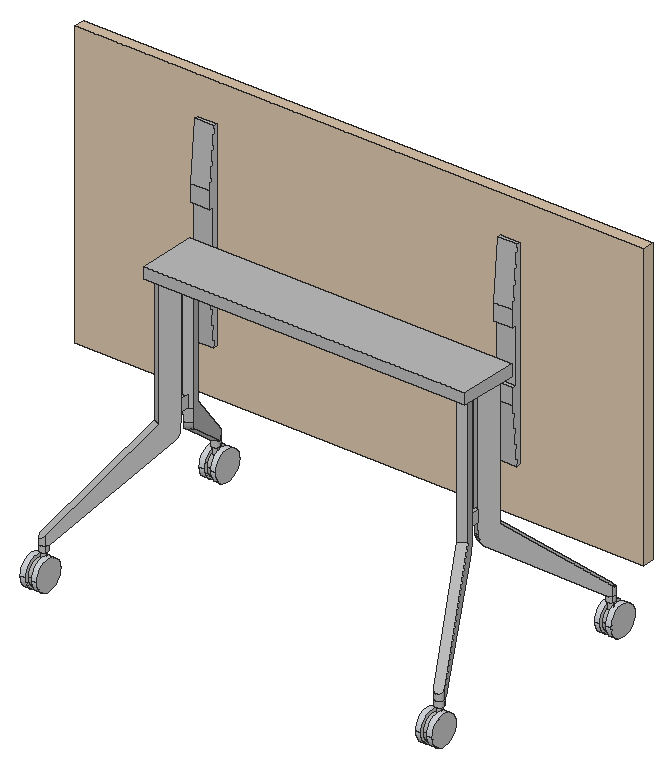
Revit family "Haworth_Planes_CollaborativeTable_Rectangular_Nested", category Furniture Systems, Revit 2018
Family settings
  Round Connector Dimension = Use Diameter
  Part Type = Normal
  OmniClass Number = 23.40.70.14.64.21
  OmniClass Title = Systems Furniture
  Work Plane-Based = No
  Always vertical = No
  Cut with Voids When Loaded = No
  Shared = No
  Room Calculation Point = No
Parameters (values of type "60w 30d")
  Width = 60"
  Warranty = "http://www.haworth.com/resources/product-info/warranties"
  URL - Product = "http://www.haworth.com/products/tables/collaborative/planes"
  Table Finish [instance] = Haworth _ Laminate _ Maple H-AE
  Table Edge Finish [instance] = Haworth _ Laminate _ Maple H-AE
  Sustainability Info = "http://www.haworth.com/company-info/sustainablility"
  Support Bar Thickness = 1 3/16"  # constant formula
  Support Bar Depth = 3 1/16"  # constant formula
  Support Arm Depth = 2"  # constant formula
  Flip Top Finish = Haworth _ Paint _ Metallic Champagne
  Depth = 30"
  Custom 36 = not(and(and(Depth = 36"), or(Width = 60", Width = 66", Width = 72", Width = 78", Width = 84", Width = 90", Width = 96")))  # yes
  Model = "Haworth - Planes Collaborative Table - Rectangular - Nested"  # constant formula
  Leg Finish [instance] = Haworth _ Paint _ Metallic Champagne
  Glides = no
  Flip Top = yes
  Description = "Haworth - Planes Collaborative Table - Rectangular - Nested"  # constant formula
  URL = "www.haworth.com"
  Table Thickness = 1 3/16"  # constant formula
  Support Spacing - From Edge = 15"  # constant formula
  Size = "Verify Final Dim. w/ Haworth"  # constant formula
  Revision Number = "2"  # constant formula
  Min/Max Width = "60-72 in. @ 6 in. increments"  # constant formula
  Min/Max Depth = "30 or 36 in."  # constant formula
  Min. Width = 60"  # constant formula
  Max. Width = 72"  # constant formula
  Min. Depth = 25"  # constant formula
  Max. Depth = 36"  # constant formula
  Manufacturer = "Haworth"  # constant formula
  Leg Height = Actual Height - Table Thickness  # 26 13/16"
  Custom Size = and(Custom 30, Custom 36)  # no
  Custom 30 = not(and(and(Depth = 30"), or(Width = 60", Width = 66", Width = 72")))  # no
  Casters = not(Glides)  # yes
  Caster Finish = Haworth _ Paint _ Metallic Champagne
  Author = "Haworth (Hampton), SHAPE Environments, LLC"  # constant formula
  Assembly Code = "E2020200"
  Actual Width = if(Width < Min. Width, Min. Width, if(Width > Max. Width, Max. Width, Width))  # 60"
  Actual Height = 28"  # constant formula
  Actual Depth = if(Depth > Max. Depth, Max. Depth, if(Depth < Min. Depth, Min. Depth, Depth))  # 30"
Reference planes (in)
  plane 1 "Center F/B": y = 0
  plane 2: z = 0
  plane 3 "Center L/R": x = 0
  plane 4 "Table Edge Left": x = -30
  plane 5 "Table Edge Right": x = 30
  plane 6 "Table Edge Front": y = 15
  plane 7 "Table Edge Back": y = -15
  plane 8 "Table Leg Left": x = -15
  plane 9 "Table Leg Right": x = 15
  plane 10 "Top": z = 28
  plane 11 "Table Nested Bottom": y = 4.20253
  plane 12 "Support Bar Bottom": z = 26.8125
  plane 13 "Support Bar Left": y = -3.0625
  plane 14 "Support Bar Right": y = 3.0625
  plane 15 "Table Left Left Outside": x = -17
  plane 16 "Table Leg Right Outside": x = 17
  plane 17 "Insertion Offset": y = 9.99929
  plane 18 "Insertion Left": x = -8.01892
  plane 19 "Insertion Right": x = 8.01892
Forms (in)
  Extrusion 1, solid, material "Haworth _ Paint _ Metallic Champagne" <- "Leg Finish"
    sketch origin (0, 0, 0) x (0, 1, 0) y (0, 0, 1)
      loop
        line (-3.0625, 28) -> (-3.0625, 26.8125) -> (3.0625, 26.8125) -> (3.0625, 28) -> (-3.0625, 28)
    from -17 to 17
  Extrusion 2, solid, material "Haworth _ Paint _ Metallic Champagne" <- "Leg Finish"
    sketch origin (0, 0, -2.25) x (0, 1, 0) y (0, 0, 1)
      loop
        line (4.13365, 41.28188) -> (3.69615, 41.32016) -> (3.17321, 35.34299) -> (3.17321, 33.59299) -> (3.62051, 33.59299) -> (3.62051, 28) -> (3.17321, 28) -> (3.17321, 26.25) -> (3.69615, 20.27283) -> (4.13365, 20.31111) -> (4.13365, 41.28188)
    from -17 to -15
  Extrusion 3, solid, material "Haworth _ Paint _ Metallic Champagne" <- "Leg Finish"
    sketch origin (0, 0, -2.25) x (0, 1, 0) y (0, 0, -1)
      loop
        line (4.13365, -41.28188) -> (4.13365, -20.31111) -> (3.69615, -20.27283) -> (3.17321, -26.25) -> (3.17321, -28) -> (3.62051, -28) -> (3.62051, -33.59299) -> (3.17321, -33.59299) -> (3.17321, -35.34299) -> (3.69615, -41.32016) -> (4.13365, -41.28188)
    from -17 to -15
Lines and regions (in)
  Masking region 1
    outline origin (0, 0, 28) x (-1, 0, 0) y (0, -1, 0)
      loop
        line (17, -3.0625) -> (17, 3.0625) -> (-17, 3.0625) -> (-17, -3.0625) -> (17, -3.0625)
Dimensions and locks (in)
  "Support Spacing - From Edge": plane 4 "Table Edge Left" to plane 8 "Table Leg Left"
  "Support Spacing - From Edge": plane 9 "Table Leg Right" to plane 5 "Table Edge Right"
  "Actual Width": plane 4 "Table Edge Left" to plane 5 "Table Edge Right"
  equal spacing: plane 4 "Table Edge Left", plane 3 "Center L/R", plane 5 "Table Edge Right"
  "Actual Depth": plane 6 "Table Edge Front" to plane 7 "Table Edge Back"
  equal spacing: plane 6 "Table Edge Front", plane 1 "Center F/B", plane 7 "Table Edge Back"
  "Actual Height": plane 10 "Top" to level
  "Support Bar Depth": plane 13 "Support Bar Left" to plane 1 "Center F/B"
  "Support Bar Depth": plane 1 "Center F/B" to plane 14 "Support Bar Right"
  "Table Thickness": plane 10 "Top" to plane 12 "Support Bar Bottom"
  "Support Arm Depth": plane 8 "Table Leg Left" to plane 15 "Table Left Left Outside"
  "Support Arm Depth": plane 16 "Table Leg Right Outside" to plane 9 "Table Leg Right"
  aligned: plane 9 "Table Leg Right" to nested 2
  aligned: plane 8 "Table Leg Left" to nested 1
  aligned and locked: plane 8 "Table Leg Left" to nested 1
  aligned and locked: plane 9 "Table Leg Right" to nested 2
  aligned and locked: plane 10 "Top" to nested 3
  aligned and locked: Extrusion 1 sketch curve to plane 13 "Support Bar Left"
  aligned and locked: Extrusion 1 sketch curve to plane 10 "Top"
  aligned and locked: plane 12 "Support Bar Bottom" to Extrusion 1 sketch curve
  aligned and locked: Extrusion 1 to plane 15 "Table Left Left Outside"
  aligned and locked: Extrusion 1 to plane 16 "Table Leg Right Outside"
  aligned and locked: Extrusion 2 to Extrusion 1
  aligned and locked: nested 1 to Extrusion 2
  aligned and locked: Extrusion 3 to nested 2
  aligned and locked: Extrusion 3 to plane 16 "Table Leg Right Outside"
  aligned and locked: plane 14 "Support Bar Right" to Masking region 1 sketch curve
  aligned and locked: plane 15 "Table Left Left Outside" to Masking region 1 sketch curve
  aligned and locked: plane 13 "Support Bar Left" to Masking region 1 sketch curve
  aligned and locked: plane 16 "Table Leg Right Outside" to Masking region 1 sketch curve
  aligned and locked: nested 2 to plane 1 "Center F/B"
  aligned and locked: plane 1 "Center F/B" to nested 1
Automatic sketch dimensions
  Extrusion 1 sketch curve to plane 14 "Support Bar Right" = 0"
  Extrusion 2 sketch curve to plane 10 "Top" = 2 1/4"
  Extrusion 2 sketch curve to plane 11 "Table Nested Bottom" = 1.02931"  (x2)
  Extrusion 2 sketch curve to Extrusion 2 sketch curve = 0.4473"
  Extrusion 2 sketch curve to plane 11 "Table Nested Bottom" = 0.50638"  (x2)
  Extrusion 2 sketch curve to plane 11 "Table Nested Bottom" = 0.06888"
  Extrusion 2 sketch curve to plane 12 "Support Bar Bottom" = 2 13/16"
  Extrusion 2 sketch curve to Extrusion 2 sketch curve = 5.93889"  (x2)
  Extrusion 2 sketch curve to Extrusion 2 sketch curve = 5.59299"
  Extrusion 2 sketch curve to Extrusion 2 sketch curve = 1 3/4"
  Extrusion 3 sketch curve to plane 10 "Top" = 2 1/4"
  Extrusion 3 sketch curve to plane 11 "Table Nested Bottom" = 1.02931"  (x2)
  Extrusion 3 sketch curve to Extrusion 3 sketch curve = 0.4473"
  Extrusion 3 sketch curve to plane 11 "Table Nested Bottom" = 0.50638"  (x2)
  Extrusion 3 sketch curve to plane 11 "Table Nested Bottom" = 0.06888"
  Extrusion 3 sketch curve to Extrusion 3 sketch curve = 5.59299"
  Extrusion 3 sketch curve to Extrusion 3 sketch curve = 1 3/4"
  Extrusion 3 sketch curve to Extrusion 3 sketch curve = 5.93889"  (x2)
  Extrusion 3 sketch curve to plane 12 "Support Bar Bottom" = 2 13/16"
Nested families (in)
  nested 1: "Haworth_Leg-Y" at (-15, 0, 0), type "Leg"
  nested 2: "Haworth_Leg-Y" at (15, 0, 0) x (-1, 0, 0) z (0, 0, 1), type "Leg"
  nested 3: "Haworth_Worksurface-Rectangular_Nested" at (0, -24.60997, 0), type "Worksurface"
    with Actual Height 28"
Definition of nested family "Haworth_Leg-Y"
  Parameters (values of type "Leg")
    Leg Height = 26 13/16"
    Leg Finish = none
    Glides = no
    Casters = yes
    Caster Finish = none
    Assembly Code = ""
  Reference planes (in)
    plane 1 "Center (Front/Back)": y = 0
    plane 2: z = 0
    plane 3 "Center (Left/Right)": x = 0
    plane 4 "Top of Leg": z = 26.8125
    plane 5 "Y Leg Stand": x = -5.875
    plane 6 "Left Y Leg": through (-0.17621, 0.60996, 48) normal (-0.8829, -0.4695, 0)
    plane 7 "Left Post": x = -0.5625
    plane 8 "Left Support": y = 11.32793
    plane 9: through (-0.17621, -0.60996, 48) normal (0.8829, -0.4695, 0)
    plane 10: y = -11.32793
  Forms (in)
    Extrusion 1, solid, material <- "Leg Finish"
      sketch origin (-0.51599, 0, 0) x (1, 0, 0) y (0, 0, 1)
        loop
          line (0.28125, 13.625) -> (0.28125, 14.875) -> (-0.04651, 14.875) -> (-0.04651, 13.625) -> (0.28125, 13.625)
      from -1 to 1
    Extrusion 2, solid, material <- "Leg Finish"
      sketch origin (-0.17621, 0.60996, 48) x (0.469468, -0.88295, 0) y (0, 0, -1)
        loop
          line (-2, 34.75027) -> (-2, 21.1875) -> (0, 21.1875) -> (0, 34.38219) -> (-0.09992, 35.81107)
          arc (-0.09992, 35.81107) -> (-0.23667, 36.25861) -> (-0.55568, 36.601) r 1.04081
          line (-0.55568, 36.601) -> (-11.7751, 43.96035) -> (-12.64299, 43.96035) -> (-12.64299, 43.40736) -> (-2, 34.75027)
      from -0.4375 to 0.4375
    Extrusion 3, void
      sketch origin (0.73566, 0.86334, 0) x (0.88295, 0.469468, 0) y (-0.469468, 0.88295, 0)
        loop
          arc (-1.36158, 12.3432) -> (-0.92408, 12.7807) -> (-0.48658, 12.3432) r 0.4375
          line (-0.48658, 12.3432) -> (-0.31134, 12.3432) -> (-0.31134, 12.89092) -> (-1.53683, 12.89092) -> (-1.53683, 12.3432) -> (-1.36158, 12.3432)
      from 3.22588 to 5.51592
    Revolve 4, solid, material <- "Leg Finish", visible <- "Glides"
      sketch origin (-5.88448, -0.04176, 0) x (-0.000803, -1, 0) y (0, 0, 1)
        loop
          line (-11.36969, 3.4375) -> (-11.36969, 0) -> (-10.36969, 0) -> (-10.36969, 0.1875) -> (-10.93219, 0.1875) -> (-10.93219, 3.4375) -> (-11.36969, 3.4375)
        axis (-11.36969, 3.4375) -> (-11.36969, 0)
      angle from 0 to 360
    Extrusion 5, solid, material <- "Leg Finish"
      sketch origin (0.73566, 0.86334, 0) x (0.88295, 0.469468, 0) y (-0.469468, 0.88295, 0)
        loop
          circle (-0.92408, 12.3432) r 0.4375
      from 3.4375 to 4.03965
    Extrusion 6, solid, material <- "Leg Finish"
      sketch origin (-0.17621, -0.60996, 48) x (0.469468, 0.88295, 0) y (0, 0, 1)
        loop
          line (-2, -34.75027) -> (-12.64299, -43.40736) -> (-12.64299, -43.96035) -> (-11.7751, -43.96035) -> (-0.55568, -36.601)
          arc (-0.55568, -36.601) -> (-0.23667, -36.25861) -> (-0.09992, -35.81107) r 1.04081
          line (-0.09992, -35.81107) -> (0, -34.38219) -> (0, -21.1875) -> (-2, -21.1875) -> (-2, -34.75027)
      from -0.4375 to 0.4375
    Extrusion 7, void
      sketch origin (0.73566, -0.86334, 0) x (0.88295, -0.469468, 0) y (0.469468, 0.88295, 0)
        loop
          line (-1.36158, -12.3432) -> (-1.53683, -12.3432) -> (-1.53683, -12.89092) -> (-0.31134, -12.89092) -> (-0.31134, -12.3432) -> (-0.48658, -12.3432)
          arc (-0.48658, -12.3432) -> (-0.92408, -12.7807) -> (-1.36158, -12.3432) r 0.4375
      from 3.22588 to 5.51592
    Revolve 8, solid, material <- "Leg Finish", visible <- "Glides"
      sketch origin (-5.88378, 0.04176, 0) x (-0.000803, 1, 0) y (0, 0, -1)
        loop
          line (-11.36969, -3.4375) -> (-10.93219, -3.4375) -> (-10.93219, -0.1875) -> (-10.36969, -0.1875) -> (-10.36969, 0) -> (-11.36969, 0) -> (-11.36969, -3.4375)
        axis (-11.36969, -3.4375) -> (-11.36969, 0)
      angle from 0 to 360
    Extrusion 9, solid, material <- "Leg Finish"
      sketch origin (0.73566, -0.86334, 0) x (0.88295, -0.469468, 0) y (0.469468, 0.88295, 0)
        loop
          circle (-0.92408, -12.3432) r 0.4375
      from 3.4375 to 4.03965
  Cuts and joins
    Extrusion 3, Extrusion 7 cuts Extrusion 1
    Extrusion 3, Extrusion 7 cuts Extrusion 2
    Extrusion 7 cuts Extrusion 5
    Extrusion 7 cuts Extrusion 6
    Extrusion 7 cuts Extrusion 9
    joined: Extrusion 1, Extrusion 2, Extrusion 5, Extrusion 6, Extrusion 9
    Extrusion 7 cuts Revolve 4
    Extrusion 7 cuts Revolve 8
  Lines and regions (in)
    Masking region 1
      outline origin (0, 0, 0) x (1, 0, 0) y (0, 1, 0)
        loop
          line (-5.48871, -11.53332) -> (0.21008, -0.81535) -> (0, -0.70365) -> (0, 0.70365) -> (0.21008, 0.81535) -> (-5.48871, 11.53332)
          arc (-5.48871, 11.53332) -> (-6.08039, 11.71422) -> (-6.26129, 11.12254) r 0.4375
          line (-6.26129, 11.12254) -> (-0.5625, 0.40456) -> (-0.5625, -0.40456) -> (-6.26129, -11.12254)
          arc (-6.26129, -11.12254) -> (-6.08039, -11.71422) -> (-5.48871, -11.53332) r 0.4375
    symbolic lines, visible <- "Glides"
      curve 1: circle (-5.87465, -11.32793, 0) r 1 normal (0, 0, -1)
    symbolic lines
      curve 2: circle (-5.875, 11.32793, 0) r 0.99982 normal (0, 0, 1)
  Dimensions and locks (in)
    "Leg Height": plane 4 "Top of Leg" to level
    plane 5 "Y Leg Stand" to plane 3 "Center (Left/Right)" = 5 7/8"
    locked: plane 7 "Left Post" to plane 3 "Center (Left/Right)" at 0.5625
  Automatic sketch dimensions
    plane 7 "Left Post" to Extrusion 1 sketch curve = 0"
    Extrusion 1 sketch curve to plane 3 "Center (Left/Right)" = 0.23474"
    level to Extrusion 1 sketch curve = 13 5/8"
    Extrusion 1 sketch curve to Extrusion 1 sketch curve = 1 1/4"
    plane 4 "Top of Leg" to Extrusion 2 sketch curve = 0"
    Extrusion 2 sketch curve to level = 4.59264"
    Extrusion 2 sketch curve to level = 4.03965"
    Extrusion 2 sketch curve to Extrusion 2 sketch curve = 0.86789"
    Extrusion 2 sketch curve to Extrusion 2 sketch curve = 10.64299"
    Extrusion 2 sketch curve to Extrusion 2 sketch curve = 0.86181"
    Extrusion 2 sketch curve to level = 11.399"
    Extrusion 2 sketch curve to Extrusion 2 sketch curve = 0.58251"
    Extrusion 2 sketch curve to level = 12.18893"
    Extrusion 2 sketch curve to Extrusion 2 sketch curve = 0.45577"
    Extrusion 2 sketch curve to Extrusion 2 sketch curve = 2"
    Extrusion 2 sketch curve to Extrusion 2 sketch curve = 0.98819"
    Extrusion 2 sketch curve to Extrusion 2 sketch curve = 1.42888"
    Extrusion 3 sketch curve to plane 5 "Y Leg Stand" = 0"
    Extrusion 3 sketch curve to plane 6 "Left Y Leg" = 0"
    Extrusion 3 sketch curve to plane 6 "Left Y Leg" = 7/16"
    Extrusion 3 sketch curve to Extrusion 3 sketch curve = 0.17524"  (x2)
    Extrusion 3 sketch curve to Extrusion 3 sketch curve = 0.54772"
    Revolve 4 sketch curve to level = 0"
    level to Revolve 4 sketch curve = 3.42885"
    Revolve 4 sketch curve to Revolve 4 sketch curve = 0"
    level to Revolve 4 sketch curve = 3/16"
    Revolve 4 sketch curve to Revolve 4 sketch curve = 7/16"
    Revolve 4 sketch curve to Revolve 4 sketch curve = 9/16"
    Revolve 4 sketch curve to level = 1.07115"
    Revolve 4 sketch curve to Revolve 4 sketch curve = 0.00865"
    Extrusion 5 sketch curve to plane 5 "Y Leg Stand" = 0"
    Extrusion 5 sketch curve to plane 6 "Left Y Leg" = 0"
    Extrusion 6 sketch curve to plane 4 "Top of Leg" = 0"
    level to Extrusion 6 sketch curve = 4.59264"
    level to Extrusion 6 sketch curve = 4.03965"
    Extrusion 6 sketch curve to Extrusion 6 sketch curve = 0.86789"
    Extrusion 6 sketch curve to Extrusion 6 sketch curve = 10.64299"
    Extrusion 6 sketch curve to Extrusion 6 sketch curve = 0.86181"
    level to Extrusion 6 sketch curve = 11.399"
    Extrusion 6 sketch curve to Extrusion 6 sketch curve = 0.58251"
    level to Extrusion 6 sketch curve = 12.18893"
    Extrusion 6 sketch curve to Extrusion 6 sketch curve = 0.45577"
    Extrusion 6 sketch curve to Extrusion 6 sketch curve = 2"
    Extrusion 6 sketch curve to Extrusion 6 sketch curve = 0.98819"
    Extrusion 6 sketch curve to Extrusion 6 sketch curve = 1.42888"
    Extrusion 7 sketch curve to plane 5 "Y Leg Stand" = 0"
    plane 9 to Extrusion 7 sketch curve = 0"
    plane 9 to Extrusion 7 sketch curve = 7/16"
    Extrusion 7 sketch curve to Extrusion 7 sketch curve = 0.17524"  (x2)
    Extrusion 7 sketch curve to Extrusion 7 sketch curve = 0.54772"
    Revolve 8 sketch curve to level = 0"
    level to Revolve 8 sketch curve = 3.42885"
    Revolve 8 sketch curve to Revolve 8 sketch curve = 0"
    level to Revolve 8 sketch curve = 3/16"
    Revolve 8 sketch curve to Revolve 8 sketch curve = 7/16"
    Revolve 8 sketch curve to Revolve 8 sketch curve = 9/16"
    Revolve 8 sketch curve to Revolve 8 sketch curve = 0.00865"
    Revolve 8 sketch curve to level = 1.07115"
    Extrusion 9 sketch curve to plane 5 "Y Leg Stand" = 0"
    plane 9 to Extrusion 9 sketch curve = 0"
    Masking region 1 sketch curve to plane 5 "Y Leg Stand" = 0"  (x2)
    Masking region 1 sketch curve to plane 3 "Center (Left/Right)" = 0"
    plane 9 to Masking region 1 sketch curve = 0"
    Masking region 1 sketch curve to plane 6 "Left Y Leg" = 0"
    Masking region 1 sketch curve to plane 10 = 0.20539"
    Masking region 1 sketch curve to plane 8 "Left Support" = 0.20539"
    plane 8 "Left Support" to Masking region 1 sketch curve = 0.20539"
    plane 10 to Masking region 1 sketch curve = 0.20539"
    plane 3 "Center (Left/Right)" to Masking region 1 sketch curve = 0.21008"  (x2)
    Masking region 1 sketch curve to Masking region 1 sketch curve = 0.1117"  (x2)
    Masking region 1 sketch curve to plane 7 "Left Post" = 0"
    plane 5 "Y Leg Stand" to Masking region 1 sketch curve = 0.38629"  (x2)
    Masking region 1 sketch curve to Masking region 1 sketch curve = 0.29908"
    plane 1 "Center (Front/Back)" to Masking region 1 sketch curve = 0.40456"
    curve 2 to plane 5 "Y Leg Stand" = 0"
    curve 2 to plane 6 "Left Y Leg" = 0"
    curve 1 to plane 10 = 0"
    curve 1 to plane 5 "Y Leg Stand" = 0.00035"
    radius of Extrusion 5 sketch curve = 7/16"
    radius of Extrusion 9 sketch curve = 7/16"
    radius of curve 1 = 1"
    radius of curve 2 = 0.99982"
  Nested families (in)
    nested 1: "Haworth_3in Caster" at (-5.875, 11.32793, 0), visible <- "Casters", type "Haworth_3in Caster"
    nested 2: "Haworth_3in Caster" at (-5.875, -11.32793, 0), visible <- "Casters", type "Haworth_3in Caster"
  Definition of nested family "Haworth_3in Caster"
    Parameters (values of type "Haworth_3in Caster")
      Glides = yes
      Caster Finish = none
      Cart Leg Finish = none
      Assembly Code = ""
    Reference planes (in)
      plane 1 "Center (Front/Back)": y = 0
      plane 2: z = 0
      plane 3 "Center (Left/Right)": x = 0
    Forms (in)
      Extrusion 1, solid
        sketch origin (0, 0, -0.02118) x (0, 1, 0) y (0, 0, 1)
          loop
            circle (-0.48695, 1.58368) r 1.5625
        from 0.875 to 0.3125
      Extrusion 2, solid
        sketch origin (0, 0, -0.02118) x (0, 1, 0) y (0, 0, 1)
          loop
            circle (-0.48695, 1.58368) r 1.5625
        from -0.875 to -0.3125
      Extrusion 3, solid
        sketch origin (0, 0, 0) x (0, 1, 0) y (0, 0, 1)
          loop
            circle (-0.48695, 1.5625) r 1.3125
        from -0.3125 to 0.3125
      Extrusion 4, solid
        sketch origin (0, 0, 0) x (1, 0, 0) y (0, 1, 0)
          loop
            circle (0, 0) r 0.25
        from 2.4375 to 3.4375
    Cuts and joins
      joined: Extrusion 3, Extrusion 4
    Lines and regions (in)
      Masking region 1
        outline origin (0, 0, 0) x (1, 0, 0) y (0, 1, 0)
          loop
            line (0.875, 1.07555) -> (0.3125, 1.07555) -> (0.3125, 0.82555) -> (-0.3125, 0.82555) -> (-0.3125, 1.07555) -> (-0.875, 1.07555) -> (-0.875, -2.04945) -> (-0.3125, -2.04945) -> (-0.3125, -1.79945) -> (0.3125, -1.79945) -> (0.3125, -2.04945) -> (0.875, -2.04945) -> (0.875, 1.07555)
    Dimensions and locks (in)
      plane 3 "Center (Left/Right)" to Extrusion 2 = 5/16"
      Extrusion 1 to plane 3 "Center (Left/Right)" = 7/8"
Definition of nested family "Haworth_Worksurface-Rectangular_Nested"
  Parameters
    Warranty = ""
    URL - Product = ""
    URL = "www.haworth.com"
    Table Thickness = 1 3/16"
    Table Finish = none
    Table Edge Finish = none
    Sustainability Info = ""
    Squared Corners = yes
    Size = "Verify Final Dim. w/ Haworth"  # constant formula
    Revision Number = ""
    OmniClass Number = ""
    Min/Max Width = ""
    Min/Max Height = ""
    Material Options = ""
    Manufacturer = "Haworth"  # constant formula
    LEED Data = ""
    Author = "Haworth (Hampton)"  # constant formula
    Assembly Code = ""
    Actual Width = 60"
    Actual Height = 29"
    Actual Depth = 30"
  Reference planes (in)
    plane 1 "Center F/B": y = 29.40625
    plane 2: z = 0
    plane 3 "Center L/R": x = 0
    plane 4 "Table Front": y = 30
    plane 5 "Table Right": x = 30
    plane 6 "Table Left": x = -30
    plane 7 "Table Back": y = 28.8125
    plane 8 "Table Top": z = 29
    plane 9 "Table Nested Bottom": z = 14
    plane 10 "Table Nested Top": z = 44
  Forms (in)
    Extrusion 1, solid, material <- "Table Finish", visible <- "Squared Corners"
      sketch origin (0, 0, 0) x (1, 0, 0) y (0, 1, 0)
        loop
          line (-30, 30) -> (-30, 28.8125) -> (30, 28.8125) -> (30, 30) -> (-30, 30)
      from 14 to 44
  Lines and regions (in)
    Masking region 1, visible <- "Squared Corners"
      outline origin (0, 0, 0) x (1, 0, 0) y (0, 1, 0)
        loop
          line (-30, 30) -> (-30, 28.8125) -> (30, 28.8125) -> (30, 30) -> (-30, 30)
  Dimensions and locks (in)
    "Table Thickness": plane 7 "Table Back" to plane 4 "Table Front"
    "Actual Width": plane 6 "Table Left" to plane 5 "Table Right"
    equal spacing: plane 6 "Table Left", plane 3 "Center L/R", plane 5 "Table Right"
    equal spacing: plane 4 "Table Front", plane 1 "Center F/B", plane 7 "Table Back"
    "Actual Height": plane 8 "Table Top" to level
    equal spacing: plane 10 "Table Nested Top", plane 8 "Table Top", plane 9 "Table Nested Bottom"
    "Actual Depth": plane 10 "Table Nested Top" to plane 9 "Table Nested Bottom"
    aligned and locked: plane 6 "Table Left" to Extrusion 1 sketch curve
    aligned and locked: Extrusion 1 sketch curve to plane 4 "Table Front"
    aligned and locked: plane 7 "Table Back" to Extrusion 1 sketch curve
    aligned and locked: plane 5 "Table Right" to Extrusion 1 sketch curve
    aligned and locked: Extrusion 1 to plane 9 "Table Nested Bottom"
    aligned and locked: Masking region 1 sketch curve to plane 7 "Table Back"
    aligned and locked: plane 6 "Table Left" to Masking region 1 sketch curve
    aligned and locked: Masking region 1 sketch curve to plane 4 "Table Front"
    aligned and locked: plane 5 "Table Right" to Masking region 1 sketch curve
    aligned and locked: plane 10 "Table Nested Top" to Extrusion 1
